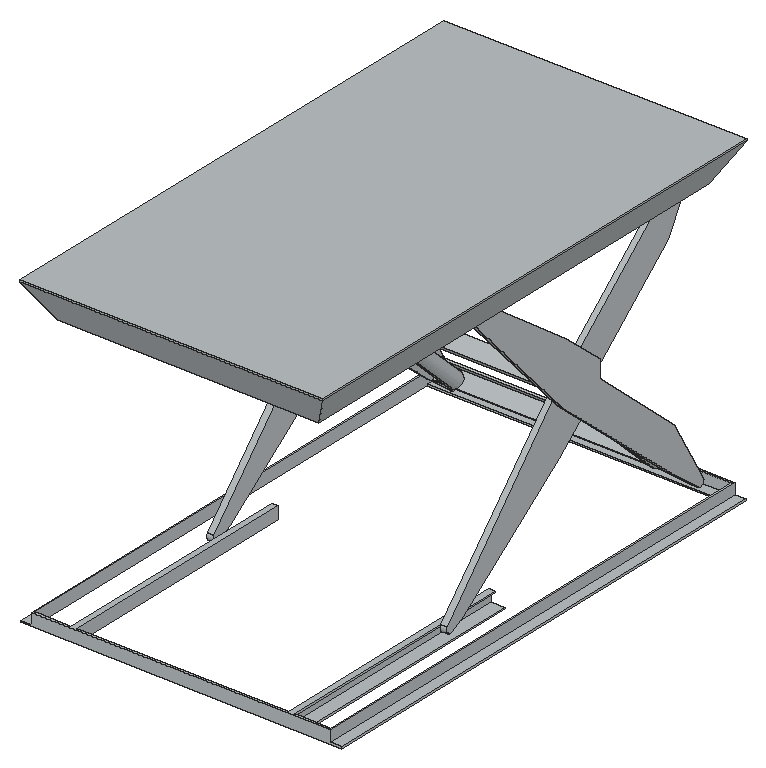
Revit family "DockEquipment_LiftTable_Pentalift_12L", category Specialty Equipment, Revit 2026
Family settings
  Round Connector Dimension = Use Diameter
  Part Type = Normal
  Work Plane-Based = Yes
  Enable Cutting in Views = No
  Always vertical = No
  Cut with Voids When Loaded = No
  Maintain Annotation Orientation = No
  Shared = No
  Room Calculation Point = No
Parameters
  offset [instance] = 0' - 0"
  Warranty Duration (Years) = 0
  Unit Width = 4' - 0"
  Unit Length = 7' - 0"
  URL = "http://www.pentalift.com/index.php"
  Specification = ""
  SpecWizard = ""
  Send Message = "http://www.arcat.com/users.pl?action=UserEmail&company=Pentalift Equipment Corp.&coid=34752&rep=119&fax=519-763-2894&mf="
  Sales Information = "http://www.pentalift.com/about-us.htm"
  Revision = "R1_01-2012"
  Product Properties = ""
  Product Data = "http://www.arcat.com/arcatcos/cos34/arc34752.html"
  Platform Width [instance] = 4' - 0"
  Platform Length [instance] = 7' - 0"
  Platform Height [instance] = 4' - 2"
  Model = "As Specified"
  Material [instance] = Metal - Steel - Pentalift - Painted - Gray
  Manufacturer Website = "http://www.pentalift.com/index.php"
  Manufacturer Phone - Toll Free = ""
  Manufacturer Phone = "519-763-3625 "
  Manufacturer Fax = "519-763-2894"
  Manufacturer Address = "21 Nicholas Beaver Rd. Guelph, ON, Canada N1H 6H9 "
  Manufacturer = "Pentalift Equipment Corp."
  Maintenance Schedule (Months) = 0
  Keynote = "11160"
  Installation-Fabrication = ""
  Installation Phase = ""
  Green Building-LEED = ""
  Expected Lifespan (Years) = 0
  Drawn By = "Sumex Design, Inc. / Robert S. Weygant, CSI, CDT, SCIP"
  Description = "Pentalift Dock Equipment as Specified"
  Default Elevation = 4' - 0"
  Copyright = "©Arcat Inc."
  Construction Details = "http://www.arcat.com/details/pentalif/pentalif.html?coid=34752"
  Capacity (Weight) = 0.00 kip
  Assembly Code = "E1030300"
Reference planes (in)
  plane 1 "Center (Front/Back)": y = 0
  plane 2 "Bottom": z = 0
  plane 3 "Center (Left/Right)": x = 0
  plane 4 "Front": y = -42
  plane 5 "Back": y = 42
  plane 6 "Left": x = -24
  plane 7 "Right": x = 24
  plane 8 "Top": z = 50
  plane 9: x = -23.5
  plane 10: x = 23.5
  plane 11: y = 40
  plane 12: y = -40
  plane 13: z = 1.75
  plane 14: z = 44
  plane 15: x = -6
  plane 16: z = 3
  plane 17: x = -24
  plane 18: x = 24
  plane 19: y = 42
  plane 20: y = -42
Forms (in)
  Extrusion 1, solid, material "Metal - Steel - Pentalift - Painted - Gray" <- "Material"
    sketch origin (-43.59721, -180, 50) x (-1, 0, 0) y (0, -1, 0)
      loop
        line (-19.59721, -222) -> (-19.59721, -138) -> (-67.59721, -138) -> (-67.59721, -222) -> (-19.59721, -222)
    from 0 to -0.25
  Sweep 2, solid, material "Metal - Steel - Pentalift - Painted - Gray" <- "Material"
    path origin (0, 0, 0) x (1, 0, 0) y (0, 1, 0)
      loop
        line (-23.5, 40) -> (23.5, 40)
    profile origin (0, 40, 0) x (0, 1, 0) y (0, 0, 1)
      loop
        line (-0.25, 2) -> (-0.25, 0.25) -> (-2, 0.25) -> (-2, 0) -> (0, 0) -> (0, 2) -> (-0.25, 2)
  Sweep 3, solid, material "Metal - Steel - Pentalift - Painted - Gray" <- "Material"
    path origin (-43.59721, -180, 50) x (-1, 0, 0) y (0, -1, 0)
      loop
        line (-19.59721, -222) -> (-19.59721, -138) -> (-67.59721, -138) -> (-67.59721, -222) -> (-19.59721, -222)
    profile origin (0, 42, 50) x (0, 1, 0) y (0, 0, 1)
      loop
        line (0, -0.25) -> (-0.28868, -0.25) -> (-3.53627, -5.875) -> (-3.31976, -6) -> (0, -0.25)
  Sweep 4, solid, material "Metal - Steel - Pentalift - Painted - Gray" <- "Material"
    path origin (0, 0, 0) x (1, 0, 0) y (0, 1, 0)
      loop
        line (23.5, -40) -> (-23.5, -40)
    profile origin (0, -40, 0) x (0, -1, 0) y (0, 0, 1)
      loop
        line (-0.25, 2) -> (-0.25, 0.25) -> (-2, 0.25) -> (-2, 0) -> (0, 0) -> (0, 2) -> (-0.25, 2)
  Sweep 5, solid, material "Metal - Steel - Pentalift - Painted - Gray" <- "Material"
    path origin (0, 0, 0) x (1, 0, 0) y (0, 1, 0)
      loop
        line (23.5, 40) -> (23.5, -40)
    profile origin (23.5, 0, 0) x (1, 0, 0) y (0, 0, 1)
      loop
        line (0.25, 2) -> (0, 2) -> (0, 0) -> (2, 0) -> (2, 0.25) -> (0.25, 0.25) -> (0.25, 2)
  Sweep 6, solid, material "Metal - Steel - Pentalift - Painted - Gray" <- "Material"
    path origin (0, 0, 0) x (1, 0, 0) y (0, 1, 0)
      loop
        line (-23.5, 40) -> (-23.5, -40)
    profile origin (-23.5, 0, 0) x (1, 0, 0) y (0, 0, 1)
      loop
        line (-0.25, 2) -> (-0.25, 0.25) -> (-2, 0.25) -> (-2, 0) -> (0, 0) -> (0, 2) -> (-0.25, 2)
  Sweep 7, solid, material "Metal - Steel - Pentalift - Painted - Gray" <- "Material"
    path origin (3.25, 0, 0) x (1, 0, 0) y (0, 1, 0)
      loop
        line (-20, 0) -> (-20, -40)
    profile origin (-16.75, -20, 0) x (1, 0, 0) y (0, 0, 1)
      loop
        line (-0.25, 1.75) -> (-0.25, 0.25) -> (-2.5, 0.25) -> (-2.5, 0) -> (0, 0) -> (0, 2) -> (-1, 2) -> (-1, 1.75) -> (-0.25, 1.75)
  Sweep 8, solid, material "Metal - Steel - Pentalift - Painted - Gray" <- "Material"
    path origin (-3.25, 0, 0) x (1, 0, 0) y (0, 1, 0)
      loop
        line (20, 0) -> (20, -40)
    profile origin (16.75, -20, 0) x (1, 0, 0) y (0, 0, 1)
      loop
        line (0.25, 1.75) -> (1, 1.75) -> (1, 2) -> (0, 2) -> (0, 0) -> (2.5, 0) -> (2.5, 0.25) -> (0.25, 0.25) -> (0.25, 1.75)
Cuts and joins
  joined: Extrusion 1, Sweep 3
  joined: Sweep 2, Sweep 4, Sweep 5, Sweep 6, Sweep 7, Sweep 8
Dimensions and locks (in)
  equal spacing: plane 6 "Left", plane 3 "Center (Left/Right)", plane 7 "Right"
  "Unit Width": plane 6 "Left" to plane 7 "Right"
  equal spacing: plane 5 "Back", plane 1 "Center (Front/Back)", plane 4 "Front"
  "Unit Length": plane 5 "Back" to plane 4 "Front"
  "Platform Height": plane 8 "Top" to level
  locked: plane 10 to plane 7 "Right" at 0.5
  locked: plane 6 "Left" to plane 9 at 0.5
  locked: plane 12 to plane 4 "Front" at 2
  plane 5 "Back" to plane 11 = 0' - 2"
  locked: plane 13 to level at 1.75
  plane 8 "Top" to plane 14 = 0' - 6"
  locked: plane 6 "Left" to plane 15 at 18
  equal spacing: plane 20, plane 1 "Center (Front/Back)", plane 19
  equal spacing: plane 17, plane 3 "Center (Left/Right)", plane 18
  "Platform Width": plane 17 to plane 18
  "Platform Length": plane 19 to plane 20
  aligned and locked: plane 1 "Center (Front/Back)" to nested 1
  aligned and locked: plane 3 "Center (Left/Right)" to nested 1
Automatic sketch dimensions
  Sweep 2 sketch curve to level = 0' - 0"
  Sweep 2 sketch curve to profile plane = 0' - 0"
  Sweep 2 sketch curve to Sweep 2 sketch curve = 0' - 0 1/4"
  Sweep 2 sketch curve to Sweep 2 sketch curve = 0' - 1 3/4"  (x2)
  level to Sweep 2 sketch curve = 0' - 0 1/4"
  Extrusion 1 sketch curve to plane 18 = 0' - 0"
  Extrusion 1 sketch curve to plane 17 = 0' - 0"
  Extrusion 1 sketch curve to plane 19 = 0' - 0"
  Extrusion 1 sketch curve to plane 20 = 0' - 0"
  Sweep 3 sketch curve to plane 18 = 0' - 0"
  Sweep 3 sketch curve to plane 17 = 0' - 0"
  Sweep 3 sketch curve to plane 19 = 0' - 0"
  Sweep 3 sketch curve to plane 20 = 0' - 0"
  Sweep 3 sketch curve to profile plane = 0' - 0"
  profile plane to Sweep 3 sketch curve = 0' - 3.31976"
  Sweep 3 sketch curve to Sweep 3 sketch curve = 0' - 0.21651"
  Sweep 3 sketch curve to Sweep 3 sketch curve = 0' - 0 1/8"
  Sweep 3 sketch curve to plane 8 "Top" = 0' - 0 1/4"
  Sweep 2 sketch curve to plane 9 = 0' - 0"
  Sweep 2 sketch curve to plane 10 = 0' - 0"
  Sweep 2 sketch curve to plane 11 = 0' - 0"
  Sweep 4 sketch curve to plane 9 = 0' - 0"
  Sweep 4 sketch curve to plane 10 = 0' - 0"
  Sweep 4 sketch curve to plane 12 = 0' - 0"
  Sweep 4 sketch curve to level = 0' - 0"
  Sweep 4 sketch curve to profile plane = 0' - 0"
  profile plane to Sweep 4 sketch curve = 0' - 0 1/4"
  Sweep 4 sketch curve to Sweep 4 sketch curve = 0' - 1 3/4"  (x2)
  level to Sweep 4 sketch curve = 0' - 0 1/4"
  Sweep 5 sketch curve to plane 10 = 0' - 0"
  Sweep 5 sketch curve to plane 12 = 0' - 0"
  Sweep 5 sketch curve to plane 11 = 0' - 0"
  Sweep 5 sketch curve to level = 0' - 0"
  Sweep 5 sketch curve to profile plane = 0' - 0"
  Sweep 5 sketch curve to profile plane = 0' - 0 1/4"
  level to Sweep 5 sketch curve = 0' - 0 1/4"
  Sweep 5 sketch curve to Sweep 5 sketch curve = 0' - 1 3/4"  (x2)
  Sweep 6 sketch curve to plane 9 = 0' - 0"
  Sweep 6 sketch curve to plane 12 = 0' - 0"
  Sweep 6 sketch curve to plane 11 = 0' - 0"
  Sweep 6 sketch curve to level = 0' - 0"
  Sweep 6 sketch curve to profile plane = 0' - 0"
  profile plane to Sweep 6 sketch curve = 0' - 0 1/4"
  Sweep 6 sketch curve to Sweep 6 sketch curve = 0' - 1 3/4"  (x2)
  level to Sweep 6 sketch curve = 0' - 0 1/4"
  Sweep 7 sketch curve to plane 12 = 0' - 0"
  Sweep 7 sketch curve to plane 1 "Center (Front/Back)" = 0' - 0"
  plane 9 to Sweep 7 sketch curve = 0' - 6 3/4"
  Sweep 7 sketch curve to level = 0' - 0"
  Sweep 7 sketch curve to profile plane = 0' - 0"
  Sweep 7 sketch curve to Sweep 7 sketch curve = 0' - 0 3/4"
  Sweep 7 sketch curve to Sweep 7 sketch curve = 0' - 1 1/2"  (x2)
  level to Sweep 7 sketch curve = 0' - 0 1/4"
  Sweep 7 sketch curve to Sweep 7 sketch curve = 0' - 0 1/4"
  profile plane to Sweep 7 sketch curve = 0' - 0 1/4"
  Sweep 8 sketch curve to plane 12 = 0' - 0"
  Sweep 8 sketch curve to plane 1 "Center (Front/Back)" = 0' - 0"
  plane 10 to Sweep 8 sketch curve = 0' - 6 3/4"
  Sweep 8 sketch curve to level = 0' - 0"
  Sweep 8 sketch curve to profile plane = 0' - 0"
  Sweep 8 sketch curve to profile plane = 0' - 0 1/4"
  Sweep 8 sketch curve to Sweep 8 sketch curve = 0' - 0 3/4"
  level to Sweep 8 sketch curve = 0' - 0 1/4"
  Sweep 8 sketch curve to Sweep 8 sketch curve = 0' - 1 1/2"  (x2)
  Sweep 8 sketch curve to Sweep 8 sketch curve = 0' - 0 1/4"
Nested families (in)
  nested 1: "Scisor_12L" at (0, 0, 0), Material <- "Material", Unit Width <- "Unit Width", Unit Length <- "Unit Length", Platform Height <- "Platform Height", type "Scisor_12L"
    with offset 1' - 4", ll/2 2' - 9.6", lFull 5' - 5.856", Unit Width 4' - 0", Unit Length 7' - 0", Support Angle 44.0818°, Platform Height 4' - 2", Material Metal - Steel - Pentalift - Painted - Gray, Leg Length 5' - 7.2"
Definition of nested family "Scisor_12L"
  Parameters
    offset [instance] = (Unit Width / 2) - 0' 8"  # 0' - 10"
    ll/2 [instance] = Leg Length / 2  # 2' - 4.8"
    lFull [instance] = Leg Length * 0.98  # 4' - 8.448"
    Warranty Duration (Years) = 0
    Unit Width [instance] = 3' - 0"
    Unit Length [instance] = 6' - 0"
    Unit Height = 3' - 6"
    URL = "http://www.pentalift.com/index.php"
    Support Angle [instance] = asin((Platform Height - 0' 3 1/4") / Leg Length)  # 50.9785°
    Specification = ""
    SpecWizard = ""
    Send Message = "http://www.arcat.com/users.pl?action=UserEmail&company=Pentalift Equipment Corp.&coid=34752&rep=119&fax=519-763-2894&mf="
    Sales Information = "http://www.pentalift.com/about-us.htm"
    Revision = "R1_01-2012"
    Product Properties = ""
    Product Data = "http://www.arcat.com/arcatcos/cos34/arc34752.html"
    Platform Height [instance] = 4' - 0"
    Model = "As Specified"
    Material [instance] = none
    Manufacturer Website = "http://www.pentalift.com/index.php"
    Manufacturer Phone - Toll Free = ""
    Manufacturer Phone = "519-763-3625 "
    Manufacturer Fax = "519-763-2894"
    Manufacturer Address = "21 Nicholas Beaver Rd. Guelph, ON, Canada N1H 6H9 "
    Manufacturer = "Pentalift Equipment Corp."
    Maintenance Schedule (Months) = 0
    Leg Length [instance] = Unit Length * 0.8  # 4' - 9.6"
    Keynote = "11160"
    Installation-Fabrication = ""
    Installation Phase = ""
    Green Building-LEED = ""
    Expected Lifespan (Years) = 0
    Drawn By = "Sumex Design, Inc. / Robert S. Weygant, CSI, CDT, SCIP"
    Description = "Pentalift Dock Equipment as Specified"
    Default Elevation = 4' - 0"
    Copyright = "©Arcat Inc."
    Construction Details = "http://www.arcat.com/details/pentalif/pentalif.html?coid=34752"
    Capacity (Weight) = 0.00 kip
    Assembly Code = "E1030300"
  Reference planes (in)
    plane 1 "Center (Front/Back)": y = 0
    plane 2 "Bottom": z = 0
    plane 3 "Center (Left/Right)": x = 0
    plane 4 "Front": y = -36
    plane 5 "Back": y = 36
    plane 6 "Left": x = -18
    plane 7 "Right": x = 18
    plane 8 "Top": z = 48
    plane 9: x = -14
    plane 10: x = 14
    plane 11: y = 33.5
    plane 12: y = -32.25
    plane 13: z = 1.75
    plane 14: y = 31.75
    plane 15: z = 46.5
  Forms (in)
    Extrusion 1, solid, material <- "Material"
      sketch origin (0, 31.75, 1.75) x (0, -0.629612, 0.77691) y (0, -0.77691, -0.629612)
        loop
          line (4.75, -1.75) -> (7.25, -1.75) -> (7.25, -1.5) -> (5, -1.5) -> (5, 1.03204) -> (4.75, 1.03204) -> (4.75, -1.75)
      from -13 to 13
    Extrusion 2, solid, material <- "Material"
      sketch origin (0, 32.37827, 3.98471) x (0, -0.629612, 0.77691) y (0, -0.77691, -0.629612)
        loop
          line (27.4594, 0.64511) -> (29.9594, 0.64511) -> (29.9594, 3.14511) -> (27.4594, 3.14511) -> (27.4594, 0.64511)
      from -12 to 12
    Revolve 3, solid, material <- "Material"
      sketch origin (-10, 31.75, 1.75) x (0, -0.629612, 0.77691) y (0, 0.77691, 0.629612)
        loop
          line (28.8, 0) -> (28.8, 0.70757) -> (16.9, 0.70757) -> (16.9, 1.20757) -> (5, 1.20757) -> (5, 0) -> (28.8, 0)
        axis (28.8, 0) -> (5, 0)
      angle from 0 to 360
    Revolve 4, solid, material <- "Material"
      sketch origin (10, 31.75, 1.75) x (0, -0.629612, 0.77691) y (0, 0.77691, 0.629612)
        loop
          line (28.8, 0) -> (28.8, 0.70757) -> (16.9, 0.70757) -> (16.9, 1.20757) -> (5, 1.20757) -> (5, 0) -> (28.8, 0)
        axis (28.8, 0) -> (5, 0)
      angle from 0 to 360
  Lines and regions (in)
    reference lines
      curve 1: line (0, 31.75, 46.5) -> (0, -26.1743, -24.97569)
      curve 2: line (0, 31.75, 1.75) -> (0, -32.47043, 80.99479)
      curve 3: line (-10, 31.75, 1.75) -> (-10, 4.04707, 35.93403)
      curve 4: line (10, 31.75, 1.75) -> (10, 4.04707, 35.93403)
  Dimensions and locks (in)
    equal spacing: plane 6 "Left", plane 3 "Center (Left/Right)", plane 7 "Right"
    "Unit Width": plane 6 "Left" to plane 7 "Right"
    equal spacing: plane 5 "Back", plane 1 "Center (Front/Back)", plane 4 "Front"
    "Unit Length": plane 5 "Back" to plane 4 "Front"
    "Platform Height": plane 8 "Top" to level
    locked: plane 10 to plane 7 "Right" at 4
    locked: plane 6 "Left" to plane 9 at 4
    locked: plane 12 to plane 4 "Front" at 3.75
    locked: plane 5 "Back" to plane 11 at 2.5
    locked: plane 13 to level at 1.75
    locked: plane 11 to plane 14 at 1.75
    locked: plane 8 "Top" to plane 15 at 1.5
    locked: plane 10 to Extrusion 1 at 1
    locked: plane 9 to Extrusion 1 at 1
    locked: plane 9 to Extrusion 2 at 2
    locked: plane 10 to Extrusion 2 at 2
    locked: Extrusion 2 sketch curve to Extrusion 2 sketch curve at 2.5
    "ll/2": Extrusion 2 sketch curve to curve 2
    Extrusion 1 sketch curve to Extrusion 1 sketch curve to Extrusion 1 sketch curve = 0' - 2 1/4" locked, 0' - 0 1/4" locked
    Extrusion 1 sketch curve to curve 1 = 2' - 5.76671"
    locked: nested 2 to plane 10 at 2
    locked: nested 1 to plane 9 at 2
    locked: curve 2 to Extrusion 1 sketch curve at 4.75
    equal spacing: Revolve 3 sketch curve, Revolve 3 sketch curve, Revolve 3 sketch curve
    locked: Revolve 3 sketch curve to curve 3 at 5
    "ll/2": curve 2 to Revolve 3 sketch curve
    equal spacing: Revolve 4 sketch curve, Revolve 4 sketch curve, Revolve 4 sketch curve
    locked: Revolve 4 sketch curve to curve 3 at 5
    "ll/2": curve 3 to Revolve 4 sketch curve
    "offset": curve 3 to curve 2
    "offset": curve 2 to curve 4
    "Support Angle": angle curve 1 to plane 15
    "Support Angle": angle plane 13 to curve 2
    aligned and locked: plane 9 to nested 3
    aligned and locked: plane 10 to nested 4
  Automatic sketch dimensions
    curve 2 to plane 13 = 0' - 0"
    curve 2 to plane 14 = 0' - 0"
    curve 1 to plane 14 = 0' - 0"
    curve 1 to plane 15 = 0' - 0"
    curve 2 to Extrusion 1 sketch curve = 0' - 1 3/4"
    Extrusion 1 sketch curve to Extrusion 1 sketch curve = 0' - 0 1/4"
    Extrusion 1 sketch curve to curve 2 = 0' - 1.03204"
    curve 2 to Extrusion 2 sketch curve = 0' - 1 1/4"
    Extrusion 2 sketch curve to curve 2 = 0' - 1 1/4"
    curve 4 to curve 2 = 0' - 0"
    curve 3 to curve 2 = 0' - 0"
    curve 4 to curve 4 = 3' - 8"
    curve 3 to curve 4 = 0' - 0"
    Revolve 3 sketch curve to curve 3 = 0' - 0"  (x2)
    Revolve 3 sketch curve to Revolve 3 sketch curve = 0' - 0.50049"
    Revolve 3 sketch curve to Revolve 3 sketch curve = 0' - 4.76149"
    Revolve 3 sketch curve to curve 3 = 0' - 0.70757"
    Revolve 3 sketch curve to curve 3 = 0' - 1.20757"
    Revolve 4 sketch curve to curve 4 = 0' - 0"  (x2)
    Revolve 4 sketch curve to Revolve 4 sketch curve = 0' - 0.50049"
    Revolve 4 sketch curve to curve 4 = 0' - 1.20757"
    Revolve 4 sketch curve to Revolve 4 sketch curve = 0' - 4.76149"
    Revolve 4 sketch curve to curve 4 = 0' - 0.70757"
  Nested families (in)
    nested 1: "Leg_12L" at (-13, 31.75, 46.5) x (0, -0.6296, -0.7769) z (1, 0, 0), Material <- "Material", Length <- "Leg Length", type "Leg_12L"
      with Material none, Length 4' - 9.6"
    nested 2: "Leg_12L" at (12, 31.75, 46.5) x (0, -0.6296, -0.7769) z (1, 0, 0), Material <- "Material", Length <- "Leg Length", type "Leg_12L"
      with Material none, Length 4' - 9.6"
    nested 3: "Leg_12L" at (-14, 31.75, 1.75) x (0, -0.6296, 0.7769) z (1, 0, 0), Material <- "Material", Length <- "Leg Length", type "Leg_12L"
      with Material none, Length 4' - 9.6"
    nested 4: "Leg_12L" at (13, 31.75, 1.75) x (0, -0.6296, 0.7769) z (1, 0, 0), Material <- "Material", Length <- "Leg Length", type "Leg_12L"
      with Material none, Length 4' - 9.6"
  Definition of nested family "Leg_12L"
    Parameters
      Material [instance] = none
      Length [instance] = 4' - 9 77/128"
      Depth = 0' - 1"
      Default Elevation = 4' - 0"
    Reference planes (in)
      plane 1 "Center (Front/Back)": y = 0
      plane 2: z = 0
      plane 3 "Center (Left/Right)": x = 0
      plane 4: x = 57.60156
      plane 5: x = 49.27859
      plane 6: x = 5.79364
      plane 7: x = 28.80078
    Forms (in)
      Extrusion 1, solid, material <- "Material"
        sketch origin (0, 0, 0) x (1, 0, 0) y (0, 1, 0)
          loop
            line (36.62409, 4.49648) -> (27.60693, 5.06836) -> (26.07776, 3.34532)
            arc (26.07776, 3.34532) -> (25.70363, 3.07943) -> (25.25078, 3.00462) r 1.01942
            line (25.25078, 3.00462) -> (11.00754, 3.90795) -> (-0.18973, 0.65259)
            arc (-0.18973, 0.65259) -> (-0.67646, -0.06542) -> (-0.06116, -0.67685) r 0.67961
            line (-0.06116, -0.67685) -> (5.91566, -1.21694) -> (29.99353, -2.744) -> (57.65127, -0.65964)
            arc (57.65127, -0.65964) -> (58.25815, -0.08055) -> (57.80925, 0.62806) r 0.66151
            line (57.80925, 0.62806) -> (55.40349, 1.42361) -> (36.62409, 4.49648)
        from 0 to 1
    Dimensions and locks (in)
      locked: plane 3 "Center (Left/Right)" to plane 6 at 5.79364
      locked: plane 5 to plane 4 at 8.32297
      "Length": plane 3 "Center (Left/Right)" to plane 4
      equal spacing: plane 3 "Center (Left/Right)", plane 7, plane 4
      "Depth": Extrusion 1 to level
    Automatic sketch dimensions
      Extrusion 1 sketch curve to plane 1 "Center (Front/Back)" = 0' - 0"  (x2)
      Extrusion 1 sketch curve to plane 3 "Center (Left/Right)" = 0' - 0"
      Extrusion 1 sketch curve to plane 4 = 0' - 0"
      Extrusion 1 sketch curve to plane 3 "Center (Left/Right)" = 0' - 0.06116"
      Extrusion 1 sketch curve to plane 3 "Center (Left/Right)" = 0' - 0.18973"
      plane 6 to Extrusion 1 sketch curve = 0' - 0.12202"
      plane 6 to Extrusion 1 sketch curve = 0' - 5.21389"
      Extrusion 1 sketch curve to plane 7 = 0' - 3.55"
      Extrusion 1 sketch curve to Extrusion 1 sketch curve = 0' - 0.06452"
      Extrusion 1 sketch curve to Extrusion 1 sketch curve = 0' - 0.82698"
      Extrusion 1 sketch curve to plane 7 = 0' - 1.19385"
      plane 7 to Extrusion 1 sketch curve = 0' - 1.19274"
      plane 7 to Extrusion 1 sketch curve = 0' - 7.82331"
      Extrusion 1 sketch curve to plane 4 = 0' - 2.19807"
      plane 4 to Extrusion 1 sketch curve = 0' - 0.04971"
      plane 4 to Extrusion 1 sketch curve = 0' - 0.20769"
      plane 1 "Center (Front/Back)" to Extrusion 1 sketch curve = 0' - 0.65964"
      plane 1 "Center (Front/Back)" to Extrusion 1 sketch curve = 0' - 0.67685"
      plane 1 "Center (Front/Back)" to Extrusion 1 sketch curve = 0' - 1.21694"
      plane 1 "Center (Front/Back)" to Extrusion 1 sketch curve = 0' - 2.744"
      Extrusion 1 sketch curve to plane 1 "Center (Front/Back)" = 0' - 1.42361"
      Extrusion 1 sketch curve to plane 1 "Center (Front/Back)" = 0' - 3.00462"
      Extrusion 1 sketch curve to Extrusion 1 sketch curve = 0' - 0.34071"
      Extrusion 1 sketch curve to plane 1 "Center (Front/Back)" = 0' - 3.90795"
      Extrusion 1 sketch curve to plane 1 "Center (Front/Back)" = 0' - 4.49648"
      Extrusion 1 sketch curve to Extrusion 1 sketch curve = 0' - 1.72304"
